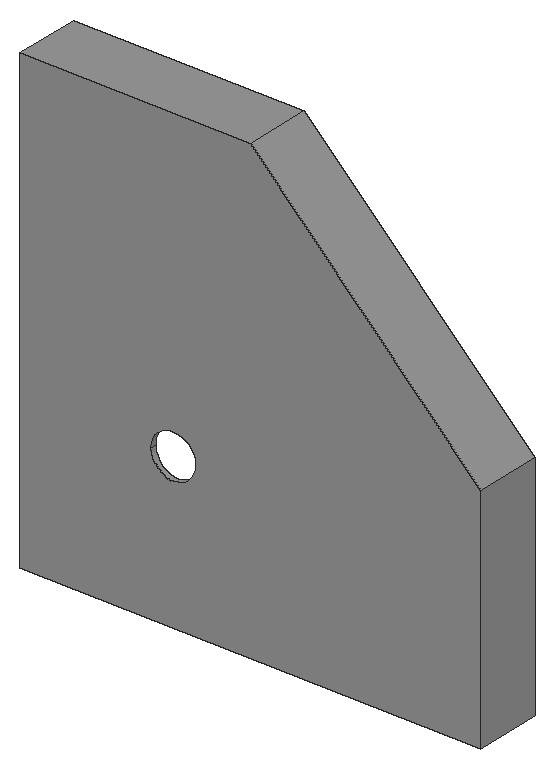
Revit family "Shower_Corner_Receptors-Willoughby-AS-S36NEO", category Plumbing Fixtures, Revit 2015
Parameters (values of type "AS-S36NEO")
  Waste Dia Drain Opening = 3 1/2"
  Waste Connection = yes
  Vent Connection = no
  URL = "https://www.willoughby-ind.com/wp-content/uploads/2018/01/AS-S36NEO.pdf"
  Size = "36x36"
  SideB = 1' - 6"
  SideA = 3' - 0"
  Revision = "A"
  Model = "AS-S36NEO"
  Manufacturer = "Willoughby Industries"
  InsideC = 2' - 6 3/4"
  HW Connection = no
  Fixture Body = Solid Surface Acrylic Resin-Willoughby(1)
  Description = "36\" X 36\" Angular Shower Base"
  Default Elevation = 0' - 0"
  Contact = "(800) 428-4065"
  CW Connection = no
  Assembly Code = ""
  42" X 42" Neo Angle = no
  36" X 36" Neo Angle = yes
Reference planes (in)
  plane 1 "Center (Front/Back)": y = 0
  plane 2: z = 0
  plane 3 "Center (Left/Right)": x = 0
  plane 4: y = 5.25
  plane 5 "Drain CenterLine": x = 12
  plane 6 "Drain CntrLn": z = 12
  plane 7: x = 18
  plane 8: z = 18
Forms (in)
  Extrusion 1, solid, material "Solid Surface Acrylic Resin-Willoughby(1)" <- "Fixture Body"
    sketch origin (0, 0, 0) x (1, 0, 0) y (0, 0, 1)
      loop
        line (36, 18) -> (18, 36) -> (0, 36) -> (0, 0) -> (36, 0) -> (36, 18)
    from 0 to -5.25
  Extrusion 2, void, detail levels fine
    sketch origin (0, 0, 0) x (1, 0, 0) y (0, 0, 1)
      loop
        circle (12, 12) r 1.75
    from 0 to -4.25
  Extrusion 3, void, detail levels fine
    sketch origin (0, 0, 0) x (1, 0, 0) y (0, 0, 1)
      loop
        circle (12, 12) r 2.25
    from -0.875 to -0.4183
  Extrusion 4, void
    sketch origin (0, 4.25, 0) x (1, 0, 0) y (0, 0, 1)
      loop
        line (2.75, 2.75) -> (33.5, 2.75) -> (33.5, 16.96447) -> (16.96447, 33.5) -> (2.75, 33.5) -> (2.75, 2.75)
    from -1 to 3.375
Cuts and joins
  Extrusion 2, Extrusion 3, Extrusion 4 cuts Extrusion 1
Lines and regions (in)
  model lines, visible <- "42" X 42" Neo Angle", detail levels coarse+medium
    curve 1: line (0, 0, 0) -> (36, 0, 0)
    curve 2: line (18, 0, 36) -> (0, 0, 36)
    curve 6: line (0, 0, 0) -> (0, 5.25, 0)
    curve 8: line (0, 0, 36) -> (0, 0, 0)
  model lines, detail levels coarse+medium
    curve 3: line (0, 0, 36) -> (0, 0, 0)
    curve 7: line (0, 5.25, 0) -> (0, 5.25, 0.25)
  model lines, detail levels medium
    curve 4: circle (12, 0, 12) r 1.75 normal (0, -1, 0)
    curve 5: circle (12, 0, 12) r 2.25 normal (0, -1, 0)
  model lines, visible <- "36" X 36" Neo Angle", detail levels coarse+medium
    curve 9: line (0, 4.25, 36) -> (0, 0, 36)
  symbolic lines
    curve 10: line (0, 5.25, 0) -> (0, 0, 0)
    curve 11: line (0, 0, 0) -> (36, 0, 0)
    curve 12: line (36, 0, 0) -> (36, 5.25, 0)
    curve 13: line (36, 5.25, 0) -> (0, 5.25, 0)
    curve 15: line (0.25, 4.25, 0) -> (36, 4.25, 0)
    curve 16: line (18, 0, 0) -> (18, 4.25, 0)
    curve 19: line (0, 5.25, 0) -> (0, 0, 0)
    curve 20: line (0, 0, 0) -> (0, 0, 36)
    curve 21: line (0, 0, 36) -> (0, 5.25, 36)
    curve 22: line (0, 5.25, 36) -> (0, 5.25, 0)
    curve 26: line (0, 0, 0) -> (0, 0, 36)
    curve 27: line (0, 0, 36) -> (18, 0, 36)
    curve 28: line (18, 0, 36) -> (36, 0, 18)
    curve 29: line (36, 0, 18) -> (36, 0, 0)
    curve 30: line (36, 0, 0) -> (0, 0, 0)
  symbolic lines, detail levels medium+fine
    curve 14: line (0.25, 5.25, 0) -> (0.25, 4.25, 0)
    curve 23: line (0, 5.25, 0.25) -> (0, 4.25, 0.25)
    curve 24: line (0, 4.25, 0.25) -> (0, 4.25, 36)
    curve 25: line (0, 0, 24) -> (0, 4.25, 24)
    curve 31: line (2.75, 0, 2.75) -> (2.75, 0, 33.5)
    curve 32: line (2.75, 0, 33.5) -> (16.96447, 0, 33.5)
    curve 33: line (16.96447, 0, 33.5) -> (33.5, 0, 16.96447)
    curve 34: line (33.5, 0, 16.96447) -> (33.5, 0, 2.75)
    curve 35: line (33.5, 0, 2.75) -> (2.75, 0, 2.75)
  symbolic lines, detail levels fine
    curve 17: circle (12, 0, 12) r 1.75 normal (0, -1, 0)
    curve 18: circle (12, 0, 12) r 2.25 normal (0, -1, 0)
Dimensions and locks (in)
  "SideB": Extrusion 1 sketch curve to plane 3 "Center (Left/Right)"
  "SideA": level to Extrusion 1 sketch curve
  "SideB": level to Extrusion 1 sketch curve
  "SideA": Extrusion 1 sketch curve to plane 3 "Center (Left/Right)"
  "SideA": cut or joined group of Extrusion 1, Extrusion 2, Extrusion 3, Extrusion 4 to curve 2
  "InsideC": Extrusion 4 sketch curve to Extrusion 4 sketch curve  (x2)
  locked: Extrusion 4 sketch curve to cut or joined group of Extrusion 1, Extrusion 2, Extrusion 3, Extrusion 4 at 2.5
  locked: cut or joined group of Extrusion 1, Extrusion 2, Extrusion 3, Extrusion 4 to Extrusion 4 sketch curve at 2.5  (x2)
  "SideA": curve 6 to curve 9
  "SideB": level to plane 8
  "SideB": plane 7 to plane 3 "Center (Left/Right)"
  aligned and locked: plane 3 "Center (Left/Right)" to Extrusion 1 sketch curve
  aligned and locked: level to Extrusion 1 sketch curve
  aligned and locked: plane 4 to Extrusion 1
  aligned and locked: plane 6 "Drain CntrLn" to Extrusion 2 sketch curve
  aligned and locked: plane 5 "Drain CenterLine" to Extrusion 2 sketch curve
  aligned and locked: plane 5 "Drain CenterLine" to Extrusion 3 sketch curve
  aligned and locked: plane 6 "Drain CntrLn" to Extrusion 3 sketch curve
  aligned: cut or joined group of Extrusion 1, Extrusion 2, Extrusion 3, Extrusion 4 to cut or joined group of Extrusion 1, Extrusion 2, Extrusion 3, Extrusion 4
  aligned and locked: plane 7 to curve 27
  aligned and locked: Extrusion 1 to Extrusion 4
Automatic sketch dimensions
  curve 10 to plane 3 "Center (Left/Right)" = 0' - 0"
  curve 14 to plane 4 = 0' - 0"
  plane 1 "Center (Front/Back)" to curve 16 = 0' - 0"
  plane 3 "Center (Left/Right)" to curve 15 = 0' - 0 1/4"
  plane 5 "Drain CenterLine" to curve 13 = 2' - 0"
  curve 15 to plane 4 = 0' - 1"
  plane 5 "Drain CenterLine" to curve 16 = 0' - 6"
  curve 6 to level = 0' - 0"
  curve 25 to plane 1 "Center (Front/Back)" = 0' - 0"
  curve 21 to plane 4 = 0' - 0"
  level to curve 23 = 0' - 0 1/4"
  curve 25 to curve 8 = 1' - 0"
  curve 9 to plane 4 = 0' - 1"
  curve 4 to curve 5 = 0' - 0"  (x2)
  curve 4 to curve 17 = 0' - 0"  (x2)
  curve 4 to curve 18 = 0' - 0"  (x2)
  curve 1 to level = 0' - 0"
  curve 1 to plane 3 "Center (Left/Right)" = 0' - 0"
  curve 18 to plane 5 "Drain CenterLine" = 0' - 0"
  curve 17 to plane 6 "Drain CntrLn" = 0' - 0"
  plane 3 "Center (Left/Right)" to curve 31 = 0' - 2 3/4"
  curve 32 to plane 7 = 0' - 1.03553"
  level to curve 35 = 0' - 2 3/4"
  plane 7 to curve 35 = 1' - 3 1/2"
  curve 34 to curve 30 = 0' - 2 1/2"
  curve 34 to plane 8 = 0' - 1.03553"
  curve 33 to curve 2 = 0' - 2 1/2"
  curve 29 to plane 8 = 0' - 0"
  radius of Extrusion 2 sketch curve = 0' - 1 3/4"
  radius of Extrusion 3 sketch curve = 0' - 2 1/4"
  radius of curve 4 = 0' - 1 3/4"
  radius of curve 5 = 0' - 2 1/4"
  radius of curve 17 = 0' - 1 3/4"
  radius of curve 18 = 0' - 2 1/4"
Connectors (in)
  piping at (12, 0, 12), diameter 3.5, driven by "Waste Dia Drain Opening", driven by "Waste Connection"
    settings: on cut or joined group of Extrusion 1, Extrusion 2, Extrusion 3, Extrusion 4, index 1, connector inside diameter 24", connector length 0' - 0", flow factor 0, pipe flow 0 GPM, pressure drop 0.00 psi, fitting loss kfactor 0, connector angle 0.00°, fixture units 0, engagement length 0' - 0", angle of deflection 0.00°, flow configuration 0, flow direction 2, fitting loss method 0, system type 16, joint type 0, gender type 0, connector reference index -1, connector utility 1, adjustable connector no, is connector primary yes, connector description "Drain Opening"
